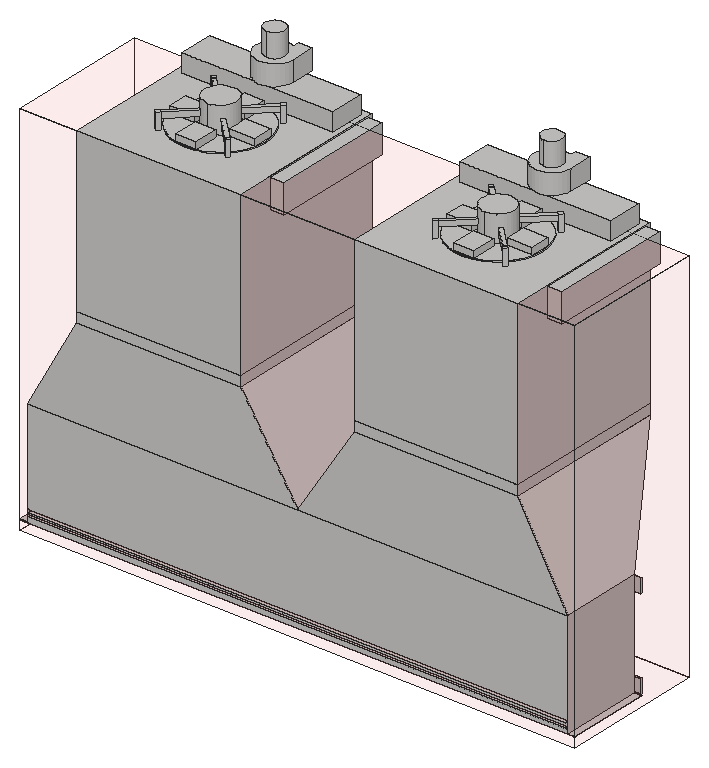
Revit family "Air-Curtain_Industrial_PoweredAire_Gas-Indirect-2Heater", category Mechanical Equipment, host Face, Revit 2020
Family settings
  Host = Face
  Round Connector Dimension = Use Diameter
  Part Type = Normal
  OmniClass Number = 23.75.35.17.21
  OmniClass Title = Air Curtains
  Cut with Voids When Loaded = No
  Shared = No
  Room Calculation Point = No
Parameters
  topbracket [instance] = Unit Height = 1' 4 3/4"  # yes
  Warranty Duration (Years) = 0
  Unit Width Notes = "Other Widths available."  # constant formula
  Unit Width = 9' - 3 5/32"
  Unit Weight = 0
  Unit Height = 1' - 4 3/4"
  Unit Depth = 1' - 9 1/4"
  URL = "http://www.poweredaire.com/"
  Test Data = ""
  Standards Conformance = "as Specified"
  Specification = "http://www.arcat.com/sdspecs/htm04/23_34_33pai.htm"
  SpecWizard = ""
  Sound Pressure = "as Specified"
  Sales Information = "http://www.poweredaire.com/contact_us"
  Revision = "R1_2016-08"
  Projection from Host [instance] = 0' - 2"
  Product Properties = ""
  Product Data = "http://www.arcat.com/arcatcos/cos47/arc47623.html"
  Power Rating = 0 W
  Piping_Operating Pressure [instance] = 0.00 psi
  Pipe OD [instance] = 5/8"
  Overall Depth = 6' - 1 3/4"
  Nozzle Width = if(1 = 1, Unit Width - 0' 3", 0' 0")  # 9' - 0 5/32"
  Mounting Width = if(1 = 1, Unit Width - 0' 1 1/2", 0' 0")  # 9' - 1 21/32"
  Mounting Height [instance] = 3' - 6"
  Motor RPM = 0
  Motor HP = 0
  Motor Count = 0
  Model = "As Specified"
  Max Height = 0' - 0"
  Manufacturer Website = "http://www.poweredaire.com/"
  Manufacturer Phone - Toll Free = "888-321-2473"
  Manufacturer Phone = "724-588-3305"
  Manufacturer Fax = "724-588-3371"
  Manufacturer Address = "109 Mortensen Rd.  Greenville, PA 16125"
  Manufacturer = "Powered Aire, Inc"
  Maintenance Schedule (Months) = 0
  Keynote = "23 34 33"
  Installation-Fabrication = ""
  Installation Phase = ""
  Include Clearance [instance] = yes
  Heating Element Load = 0 W
  Heater Weight = 0
  Heater Hanging Width = 2' - 6 5/8"
  Heater Finish [instance] = Metal - Steel - PoweredAire - Stainless 304
  HVAC_Temperature Rise = 0 °F
  HVAC_Primary CFM = 0 CFM
  HVAC_Outlet Volume = 0 CFM
  HVAC_Outlet Velocity Uniformity = 0
  HVAC_Outlet Velocity = 0 FPM
  HVAC_Exit Temperature [instance] = 0 °F
  HVAC_BTU Output = 0.0 Btu/h
  HVAC_BTU Input = 0.0 Btu/h
  Green Building-LEED = "http://www.arcat.com/green/clients/leed_data_47623.html"
  Gas Connection Diameter [instance] = 0"
  Frame Finish [instance] = Metal - Steel - PoweredAire - Stainless 304
  Expected Lifespan (Years) = 0
  Exhaust Connection Diameter = 0' - 5"
  Electrical_Wattage [instance] = Power Rating + Heating Element Load  # 0 W
  Electrical_Voltage [instance] = 0 V
  Electrical_Phase [instance] = 1
  Electrical_Frequency [instance] = 0 Hz
  Electrical_Amperage [instance] = 0 A
  Drawn By = "Sumex Design, Inc. / Robert S. Weygant, CSI, CDT, SCIP"
  Description = "Powered Aire Air Curtain as Specified"
  Default Elevation = 0' - 0"  # constant formula
  Copyright = "©Arcat Inc."
  Construction Details = "http://www.arcat.com/details/powair/prod3336.html"
  Clearance_Top [instance] = 1' - 0"
  Clearance_Side B [instance] = 0' - 0"
  Clearance_Side A [instance] = 0' - 0"
  Clearance_Intake [instance] = 0' - 0"
  Clearance_Bottom [instance] = 0' - 0"
  Clearance Material [instance] = ARCAT Clearance
  Building Codes = ""
  Available Options [instance] = "as Specified"
  Assembly Code = "D3090400"
Reference planes (in)
  plane 1 "Center (Elevation)": y = 0.13818
  plane 2: z = 0
  plane 3 "Center (Left/Right)": x = 0
  plane 4 "Top": y = 8.51318
  plane 5: y = -8.23682
  plane 6: x = -55.57812
  plane 7: x = 55.57813
  plane 8 "Front": z = 23.25
  plane 9 "FF": y = -41.86182
  plane 10: z = 2
  plane 11: x = 54.07813
  plane 12: x = -54.07812
  plane 13: y = 20.51318
  plane 14: y = -8.23682
  plane 15: x = -55.57812
  plane 16: x = 55.57813
  plane 17: z = 75.75
  plane 18: x = 54.01563
  plane 19: x = -54.01562
  plane 20: x = 54.07813
  plane 21: x = 54.07813
  plane 22: y = 6.01318
  plane 23: y = -5.73682
  plane 24: z = 75.75
  plane 25: z = 43.25
  plane 26: z = 41.25
  plane 27: x = -43.10156
  plane 28: x = -12.47656
  plane 29: x = -44.16406
  plane 30: x = -11.41406
  plane 31: x = 12.47656
  plane 32: x = 43.10156
  plane 33: x = 11.41406
  plane 34: x = 44.16406
  plane 35: x = -27.78906
  plane 36: x = 27.78906
Forms (in)
  Extrusion 1, solid, material "Metal - Steel - PoweredAire - Stainless 304" <- "Frame Finish"
    sketch origin (0, 0, 0) x (0, 1, 0) y (0, 0, 1)
      loop
        line (-8.23682, 2) -> (8.51318, 2) -> (8.51318, 23.25) -> (-8.23682, 23.25) -> (-8.23682, 2)
    from -54.07813 to 54.07812
  Extrusion 2, solid, material "ARCAT Clearance" <- "Clearance Material", visible <- "Include Clearance"
    sketch origin (0, 0, 0) x (0, 1, 0) y (0, 0, 1)
      loop
        line (-8.23682, 75.75) -> (-8.23682, 0) -> (20.51318, 0) -> (20.51318, 75.75) -> (-8.23682, 75.75)
    from -55.57812 to 55.57812
  Extrusion 3, solid, material "Metal - Steel - PoweredAire - Stainless 304" <- "Frame Finish"
    sketch origin (-15.17702, -180, 2) x (-1, 0, 0) y (0, -1, 0)
      loop
        line (-69.25515, -188.51318) -> (-69.25515, -171.76318) -> (-70.75515, -171.76318) -> (-70.75515, -188.51318) -> (-69.25515, -188.51318)
      loop
        line (38.9011, -188.51318) -> (40.4011, -188.51318) -> (40.4011, -171.76318) -> (38.9011, -171.76318) -> (38.9011, -188.51318)
    from 0 to 0.125
  Extrusion 4, solid, material "Metal - Steel - PoweredAire - Stainless 304" <- "Frame Finish", visible <- "topbracket"
    sketch origin (-11.83813, 8.51318, 48) x (-1, 0, 0) y (0, 0, 1)
      loop
        line (-65.91625, -45.5) -> (-65.91625, -42.75) -> (-67.41625, -42.75) -> (-67.41625, -45.5) -> (-65.91625, -45.5)
      loop
        line (-65.91625, -27.5) -> (-65.91625, -24.75) -> (-67.41625, -24.75) -> (-67.41625, -27.5) -> (-65.91625, -27.5)
      loop
        line (42.24, -45.5) -> (43.74, -45.5) -> (43.74, -42.75) -> (42.24, -42.75) -> (42.24, -45.5)
      loop
        line (42.24, -27.5) -> (43.74, -27.5) -> (43.74, -24.75) -> (42.24, -24.75) -> (42.24, -27.5)
    from 0 to -0.125
  Extrusion 5, void
    sketch origin (0, 0, 0) x (0, 1, 0) y (0, 0, 1)
      loop
        line (-8.23682, 3) -> (-7.23682, 3) -> (-7.23682, 4.5) -> (-8.23682, 4.5) -> (-8.23682, 3.82425) -> (-7.38364, 3.82425) -> (-7.38364, 3.57425) -> (-8.23682, 3.57425) -> (-8.23682, 3)
    from -54.01563 to 54.01562
  Blend 6, solid, material "Metal - Steel - PoweredAire - Stainless 304" <- "Frame Finish"
    base sketch origin (-15.17702, -180, 23.25) x (-1, 0, 0) y (0, -1, 0)
      loop
        line (38.9011, -188.51318) -> (38.9011, -171.76318) -> (-15.17702, -171.76318) -> (-15.17702, -188.51318) -> (38.9011, -188.51318)
    top sketch origin (-15.17702, -180, 23.25) x (-1, 0, 0) y (0, -1, 0)
      loop
        line (28.98704, -171.76318) -> (-3.76296, -171.76318) -> (-3.76296, -204.76318) -> (28.98704, -204.76318) -> (28.98704, -171.76318)
    from 0 to 18
  Blend 7, solid, material "Metal - Steel - PoweredAire - Stainless 304" <- "Frame Finish"
    base sketch origin (15.17702, -180, 23.25) x (1, 0, 0) y (0, 1, 0)
      loop
        line (38.9011, 188.51318) -> (-15.17702, 188.51318) -> (-15.17702, 171.76318) -> (38.9011, 171.76318) -> (38.9011, 188.51318)
    top sketch origin (15.17702, -180, 23.25) x (1, 0, 0) y (0, 1, 0)
      loop
        line (28.98704, 171.76318) -> (28.98704, 204.76318) -> (-3.76296, 204.76318) -> (-3.76296, 171.76318) -> (28.98704, 171.76318)
    from 0 to 18
Cuts and joins
  Extrusion 5 cuts Extrusion 1
Dimensions and locks (in)
  equal spacing: plane 4 "Top", plane 1 "Center (Elevation)", plane 5
  "Unit Height": plane 4 "Top" to plane 5
  "Unit Width": plane 6 to plane 7
  "Mounting Height": plane 1 "Center (Elevation)" to plane 9 "FF"
  "Projection from Host": plane 10 to level
  "Unit Depth": plane 8 "Front" to plane 10
  locked: plane 6 to plane 12 at 1.5
  locked: plane 11 to plane 7 at 1.5
  "Clearance_Side A": plane 7 to plane 16
  "Clearance_Side B": plane 15 to plane 6
  "Clearance_Top": plane 13 to plane 4 "Top"
  "Clearance_Bottom": plane 5 to plane 14
  "Clearance_Intake": plane 17 to plane 24
  Extrusion 5 sketch curve to Extrusion 5 sketch curve to Extrusion 5 sketch curve to Extrusion 5 sketch curve to plane 10 = 0' - 0.67575" locked, 0' - 0 1/4" locked, 0' - 0.57425" locked, 0' - 1" locked
  plane 5 to Extrusion 5 sketch curve to Extrusion 5 sketch curve = 0' - 0.85319" locked, 0' - 0.14681" locked
  locked: plane 19 to plane 12 at 0.0625
  locked: plane 11 to plane 18 at 0.0625
  locked: plane 20 to plane 11
  locked: plane 21 to plane 11
  locked: plane 4 "Top" to plane 22 at 2.5
  locked: plane 23 to plane 5 at 2.5
  "Overall Depth": plane 24 to plane 10
  locked: plane 25 to plane 26 at 2
  locked: plane 24 to plane 25 at 32.5
  locked: Blend 6 sketch curve to plane 5 at 33
  Extrusion 4 sketch curve to Extrusion 4 sketch curve to plane 10 = 0' - 2 3/4" locked, 0' - 0 1/2" locked  (x2)
  plane 8 "Front" to Extrusion 4 sketch curve to Extrusion 4 sketch curve = 0' - 0" locked, 0' - 2 3/4" locked  (x2)
  locked: plane 28 to plane 30 at 1.0625
  locked: plane 29 to plane 27 at 1.0625
  locked: plane 32 to plane 34 at 1.0625
  locked: plane 33 to plane 31 at 1.0625
  equal spacing: plane 6, plane 35, plane 3 "Center (Left/Right)", plane 36, plane 7
  equal spacing: plane 27, plane 35, plane 28
  "Heater Hanging Width": plane 27 to plane 28
  equal spacing: plane 31, plane 36, plane 32
  "Heater Hanging Width": plane 31 to plane 32
  locked: Blend 7 sketch curve to plane 5 at 33
  aligned and locked: plane 2 to host face
  aligned and locked: level to host face
  aligned and locked: Extrusion 2 sketch curve to plane 17
  aligned and locked: plane 14 to Extrusion 2 sketch curve
  aligned and locked: level to Extrusion 2 sketch curve
  aligned and locked: Extrusion 2 sketch curve to plane 13
  aligned and locked: plane 16 to Extrusion 2
  aligned and locked: Extrusion 2 to plane 15
  aligned and locked: plane 11 to Extrusion 1
  aligned and locked: Extrusion 1 to plane 12
  aligned and locked: Extrusion 1 sketch curve to plane 8 "Front"
  aligned and locked: plane 24 to nested 1
  aligned and locked: plane 5 to Blend 6 sketch curve
  aligned and locked: plane 12 to Blend 6 sketch curve
  aligned and locked: Blend 6 sketch curve to plane 4 "Top"
  aligned and locked: Blend 6 sketch curve to plane 5
  aligned and locked: plane 26 to Blend 6
  aligned and locked: plane 35 to nested 1
  aligned and locked: plane 36 to nested 2
  aligned and locked: plane 24 to nested 2
  aligned and locked: Blend 6 sketch curve to plane 3 "Center (Left/Right)"
  aligned and locked: Blend 6 sketch curve to plane 29
  aligned and locked: plane 30 to Blend 6 sketch curve
  aligned and locked: Blend 7 sketch curve to plane 5  (x2)
  aligned and locked: Blend 7 sketch curve to plane 3 "Center (Left/Right)"
  aligned and locked: plane 11 to Blend 7 sketch curve
  aligned and locked: Blend 7 sketch curve to plane 4 "Top"
  aligned and locked: plane 33 to Blend 7 sketch curve
  aligned and locked: Blend 7 sketch curve to plane 34
  aligned and locked: plane 18 to cut or joined group of Extrusion 1, Extrusion 5
  aligned and locked: cut or joined group of Extrusion 1, Extrusion 5 to plane 19
Automatic sketch dimensions
  host sketch curve to host sketch curve = 8' - 0"  (x2)
  Extrusion 1 sketch curve to plane 5 = 0' - 0"
  Extrusion 1 sketch curve to plane 4 "Top" = 0' - 0"
  Extrusion 1 sketch curve to plane 10 = 0' - 0"
  plane 4 "Top" to Extrusion 3 sketch curve = 0' - 0"
  Extrusion 3 sketch curve to plane 7 = 0' - 0"
  plane 5 to Extrusion 3 sketch curve = 0' - 0"
  Extrusion 3 sketch curve to plane 11 = 0' - 0"
  Extrusion 3 sketch curve to plane 4 "Top" = 0' - 0"
  Extrusion 3 sketch curve to plane 12 = 0' - 0"
  Extrusion 3 sketch curve to plane 6 = 0' - 0"
  Extrusion 3 sketch curve to plane 5 = 0' - 0"
  Extrusion 4 sketch curve to plane 7 = 0' - 0"  (x2)
  Extrusion 4 sketch curve to plane 11 = 0' - 0"  (x2)
  Extrusion 4 sketch curve to plane 12 = 0' - 0"  (x2)
  Extrusion 4 sketch curve to plane 6 = 0' - 0"  (x2)
  Extrusion 5 sketch curve to plane 5 = 0' - 0"  (x2)
Nested families (in)
  nested 1: "Heater" at (-27.78906, -8.23682, 43.2987) x (1, 0, 0) z (0, 1, 0), finish <- "Heater Finish", burner width <- "Heater Hanging Width", type "Heater"
    with finish Metal - Steel - PoweredAire - Stainless 304, burner width 2' - 6 5/8", Two Fan no, One Fan yes
  nested 2: "Heater" at (27.78906, -8.23682, 43.2987) x (1, 0, 0) z (0, 1, 0), finish <- "Heater Finish", burner width <- "Heater Hanging Width", type "Heater"
    with finish Metal - Steel - PoweredAire - Stainless 304, burner width 2' - 6 5/8", Two Fan no, One Fan yes
Connectors (in)
  electrical at (-54.07812, 0.13818, 12.625), driven by "Electrical_Voltage", driven by "Electrical_Phase"
    settings: on cut or joined group of Extrusion 1, Extrusion 5, index 3, voltage 0 V, apparent load 0 VA, apparent load phase1 0 VA, apparent load phase2 0 VA, apparent load phase3 0 VA, power factor 1, load classification "Motor", number of poles 1, system type 31, power factor state 1, is connector primary yes, connector utility no, sub classification motor no, connector description ""
  hvac at (-24.78906, 24.76318, 81.40625), driven by "Exhaust Connection Diameter", driven by "HVAC_Primary CFM"
    settings: on nested 1, index 4, duct flow 0 CFM, flow factor 0, pres drop 0.00 in-wg, loss coef 0, conn angle 0.00°, conn width 12", conn height 12", conn diameter 5", duct sys type 3, conn prof type 0, flow config 0, flow direction 2, loss method 0, conn ref index -1, conn util no, is conn primary yes, conn desc ""
  hvac at (30.78906, 24.76318, 81.40625), driven by "HVAC_Primary CFM", driven by "Exhaust Connection Diameter"
    settings: on nested 2, index 5, duct flow 0 CFM, flow factor 0, pres drop 0.00 in-wg, loss coef 0, conn angle 0.00°, conn width 12", conn height 12", conn diameter 5", duct sys type 3, conn prof type 0, flow config 0, flow direction 2, loss method 0, conn ref index -1, conn util no, is conn primary no, conn desc ""
Definition of nested family "Heater"
  Parameters
    finish [instance] = none
    burner width [instance] = 4' - 0 5/8"
    burner depth = 3' - 8 3/4"
    Two Fan [instance] = burner width > 4' 0"  # yes
    One Fan [instance] = burner width < 4' 0"  # no
    Default Elevation = 0' - 0"  # constant formula
  Reference planes (in)
    plane 1 "Center (Front/Back)": y = 0
    plane 2: z = 0
    plane 3 "Center (Left/Right)": x = 0
    plane 4: x = -25.375
    plane 5: x = 25.375
    plane 6: z = 33
    plane 7: y = -44.75
    plane 8: x = 3
    plane 9: x = 4.375
    plane 10: x = -12.6875
    plane 11: x = 12.6875
    plane 12: z = 15.5
    plane 13: x = -24.3125
    plane 14: x = 24.3125
  Forms (in)
    Extrusion 1, solid, material <- "finish"
      sketch origin (-74.94554, -3, 38.65968) x (0, 0, 1) y (1, 0, 0)
        loop
          line (-5.65968, 49.57054) -> (-5.65968, 100.32054) -> (-38.65968, 100.32054) -> (-38.65968, 49.57054) -> (-5.65968, 49.57054)
      from 3 to -29.4513
    Extrusion 2, solid, material <- "finish"
      sketch origin (0, 0, 0) x (0, 1, 0) y (0, 0, 1)
        loop
          line (2, 0) -> (2, 33) -> (0, 33) -> (0, 0) -> (2, 0)
      from -25.375 to 25.375
    Extrusion 3, solid, material <- "finish"
      sketch origin (-74.94554, -32.4513, 38.65968) x (0, 0, 1) y (1, 0, 0)
        loop
          line (-6.91591, 50.82971) -> (-6.91591, 99.10844) -> (-13.91591, 99.10844) -> (-13.91591, 50.82971) -> (-6.91591, 50.82971)
      from 0 to -3.625
    Extrusion 4, solid, material <- "finish"
      sketch origin (-74.94554, -36.0763, 38.65968) x (0, 0, 1) y (1, 0, 0)
        loop
          arc (-10.4052, 79.32054) -> (-12.67312, 72.60509) -> (-6.79809, 76.57054) r 3.74068
          line (-6.79809, 76.57054) -> (-5.65968, 76.57054) -> (-5.65968, 79.32054) -> (-10.4052, 79.32054)
      from 0 to -4.0625
    Extrusion 5, solid, material <- "finish"
      sketch origin (-73.58006, -40.1388, 35.52564) x (0, 0, -1) y (1, 0, 0)
        loop
          circle (7.27116, 74.21438) r 2
      from 4.6112 to 0
    Extrusion 6, solid, material <- "finish"
      sketch origin (0, 0, 0) x (1, 0, 0) y (0, 1, 0)
        loop
          line (28.3125, -32.4513) -> (28.3125, -26.7013) -> (25.3125, -26.7013) -> (25.3125, -32.4513) -> (28.3125, -32.4513)
      from 7.25 to 31.75
    Extrusion 7, solid, material <- "finish", visible <- "Two Fan"
      sketch origin (0, 0, 0) x (0, 1, 0) y (0, 0, 1)
        loop
          line (-32.4513, 6.22268) -> (-44.15658, 5.1986) -> (-44.15658, 4.4486) -> (-32.4513, 4.85736) -> (-32.4513, 6.22268)
      from -25.375 to 25.375
  Dimensions and locks (in)
    locked: Extrusion 4 sketch curve to Extrusion 4 sketch curve at 2.75
    "burner width": plane 13 to plane 14
    locked: plane 6 to level at 33
    "burner depth": plane 7 to plane 1 "Center (Front/Back)"
    locked: plane 8 to plane 9 at 1.375
    Extrusion 4 sketch curve to Extrusion 4 sketch curve to plane 8 = 0' - 0.99068" locked, 0' - 1 3/8" locked
    locked: Extrusion 5 sketch curve to plane 8 at 2.36568
    locked: plane 8 to plane 3 "Center (Left/Right)" at 3
    Extrusion 6 sketch curve to plane 5 to Extrusion 6 sketch curve = 0' - 0 1/16" locked, 0' - 2 15/16" locked
    equal spacing: plane 5, plane 11, plane 3 "Center (Left/Right)", plane 10, plane 4
    locked: plane 4 to plane 13 at 1.0625
    locked: plane 14 to plane 5 at 1.0625
    aligned and locked: plane 2 to level
    aligned: Extrusion 4 to Extrusion 5
    aligned: Extrusion 3 to Extrusion 2  (x2)
    aligned and locked: plane 7 to Extrusion 5
    aligned and locked: plane 4 to Extrusion 1 sketch curve
    aligned and locked: Extrusion 1 sketch curve to plane 5
    aligned and locked: Extrusion 7 to plane 4
    aligned and locked: plane 5 to Extrusion 7
    aligned and locked: plane 12 to nested 1
    aligned and locked: plane 3 "Center (Left/Right)" to nested 1
    aligned and locked: plane 12 to nested 3
    aligned and locked: plane 11 to nested 3
    aligned and locked: plane 10 to nested 2
    aligned and locked: plane 12 to nested 2
    aligned and locked: plane 5 to Extrusion 2
    aligned and locked: Extrusion 2 to plane 4
  Automatic sketch dimensions
    Extrusion 1 to Extrusion 3 sketch curve = 0' - 1.25917"
    Extrusion 1 to Extrusion 3 sketch curve = 0' - 8.25624"
    Extrusion 1 to Extrusion 3 sketch curve = 0' - 1.2121"
    Extrusion 1 to Extrusion 3 sketch curve = 0' - 1.25624"
    Extrusion 4 sketch curve to Extrusion 3 = 0' - 0.11782"
    Extrusion 4 sketch curve to Extrusion 3 = 0' - 1.25624"
    Extrusion 5 sketch curve to Extrusion 4 = 0' - 4.74552"
    Extrusion 1 sketch curve to level = 0' - 0"
    Extrusion 1 sketch curve to plane 6 = 0' - 0"
    Extrusion 2 sketch curve to level = 0' - 0"
    Extrusion 2 sketch curve to plane 1 "Center (Front/Back)" = 0' - 0"
    Extrusion 2 sketch curve to plane 6 = 0' - 0"
    Extrusion 2 sketch curve to Extrusion 2 sketch curve = 0' - 2"
    Extrusion 6 sketch curve to plane 7 = 1' - 0.2987"
    Extrusion 6 sketch curve to Extrusion 6 sketch curve = 0' - 5 3/4"
    Extrusion 7 sketch curve to plane 7 = 0' - 0.59342"
    level to Extrusion 7 sketch curve = 0' - 4.4486"
    Extrusion 7 sketch curve to Extrusion 7 sketch curve = 0' - 0 3/4"
    level to Extrusion 7 sketch curve = 0' - 4.85736"
    Extrusion 7 sketch curve to Extrusion 7 sketch curve = 0' - 11.70529"
    Extrusion 7 sketch curve to Extrusion 7 sketch curve = 0' - 1.36532"
    radius of Extrusion 5 sketch curve = 0' - 2"
  Nested families (in)
    nested 1: "FanControls" at (0, -32.4513, 15.5) x (1, 0, 0) z (0, -1, 0), finish <- "finish", visible <- "One Fan", type "FanControls"
      with finish none
    nested 2: "FanControls" at (-12.6875, -32.4513, 15.5) x (1, 0, 0) z (0, -1, 0), finish <- "finish", visible <- "Two Fan", type "FanControls"
      with finish none
    nested 3: "FanControls" at (12.6875, -32.4513, 15.5) x (1, 0, 0) z (0, -1, 0), finish <- "finish", visible <- "Two Fan", type "FanControls"
      with finish none
  Definition of nested family "FanControls"
    Parameters
      finish [instance] = none
      Default Elevation = 4' - 0"
    Reference planes (in)
      plane 1 "Center (Front/Back)": y = 0
      plane 2: z = 0
      plane 3 "Center (Left/Right)": x = 0
    Forms (in)
      Extrusion 1, solid, material <- "finish"
        sketch origin (-75.00804, 32.07233, 0) x (1, 0, 0) y (0, -1, 0)
          loop
            circle (75.00804, 32.07233) r 3.25
        from -5.33075 to 0
      Extrusion 2, solid, material <- "finish"
        sketch origin (24.44581, -78.06044, 0) x (1, 0, 0) y (0, -1, 0)
          loop
            line (-22.50831, -86.58776) -> (-22.50831, -81.58776) -> (-26.50831, -81.58776) -> (-26.50831, -86.58776) -> (-22.50831, -86.58776)
          loop
            line (-22.50831, -69.53312) -> (-26.50831, -69.53312) -> (-26.50831, -74.53312) -> (-22.50831, -74.53312) -> (-22.50831, -69.53312)
          loop
            line (-15.98099, -76.06044) -> (-20.98099, -76.06044) -> (-20.98099, -80.06044) -> (-15.98099, -80.06044) -> (-15.98099, -76.06044)
          loop
            line (-33.03563, -76.06044) -> (-33.03563, -80.06044) -> (-28.03563, -80.06044) -> (-28.03563, -76.06044) -> (-33.03563, -76.06044)
        from 0 to -1.37288
      Extrusion 3, solid, material <- "finish"
        sketch origin (-75.00804, 21.40968, 0) x (1, 0, 0) y (0, -1, 0)
          loop
            line (68.02536, 14.95733) -> (68.55569, 14.427) -> (75.00804, 20.87935) -> (81.46039, 14.427) -> (81.99072, 14.95733) -> (75.53837, 21.40968) -> (81.99072, 27.86203) -> (81.46039, 28.39236) -> (75.00804, 21.94001) -> (68.55569, 28.39236) -> (68.02536, 27.86203) -> (74.47771, 21.40968) -> (68.02536, 14.95733)
        from -3.1123 to -2
      Extrusion 4, solid, material <- "finish"
        sketch origin (-75.00804, 21.40968, 0) x (1, 0, 0) y (0, -1, 0)
          loop
            line (68.02536, 13.89667) -> (68.55569, 14.427) -> (68.02536, 14.95733) -> (67.49503, 14.427) -> (68.02536, 13.89667)
          loop
            line (82.52105, 14.427) -> (81.99072, 14.95733) -> (81.46039, 14.427) -> (81.99072, 13.89667) -> (82.52105, 14.427)
          loop
            line (81.99072, 28.92269) -> (81.46039, 28.39236) -> (81.99072, 27.86203) -> (82.52105, 28.39236) -> (81.99072, 28.92269)
          loop
            line (67.49503, 28.39236) -> (68.02536, 27.86203) -> (68.55569, 28.39236) -> (68.02536, 28.92269) -> (67.49503, 28.39236)
        from 0 to -3.1123
      Extrusion 5, solid, material <- "finish"
        sketch origin (0, 0, 0) x (1, 0, 0) y (0, 1, 0)
          loop
            circle (0, 0) r 9
        from 0 to 0.14961
    Dimensions and locks (in)
      Extrusion 4 sketch curve to Extrusion 4 sketch curve to Extrusion 4 sketch curve to Extrusion 4 sketch curve = 0' - 0.53033" locked, 0' - 0" locked, 0' - 0.53033" locked  (x4)
      Extrusion 3 sketch curve to Extrusion 3 sketch curve to Extrusion 3 sketch curve to Extrusion 3 sketch curve to Extrusion 3 sketch curve = 0' - 5.92202" locked, 0' - 0" locked, 0' - 0.53033" locked, 0' - 0" locked
      Extrusion 3 sketch curve to Extrusion 3 sketch curve to Extrusion 3 sketch curve to Extrusion 3 sketch curve to Extrusion 3 sketch curve = 0' - 0" locked, 0' - 0.53033" locked, 0' - 0" locked, 0' - 5.92202" locked
      locked: Extrusion 2 sketch curve to Extrusion 2 sketch curve at 5  (x2)
      aligned and locked: plane 2 to level
